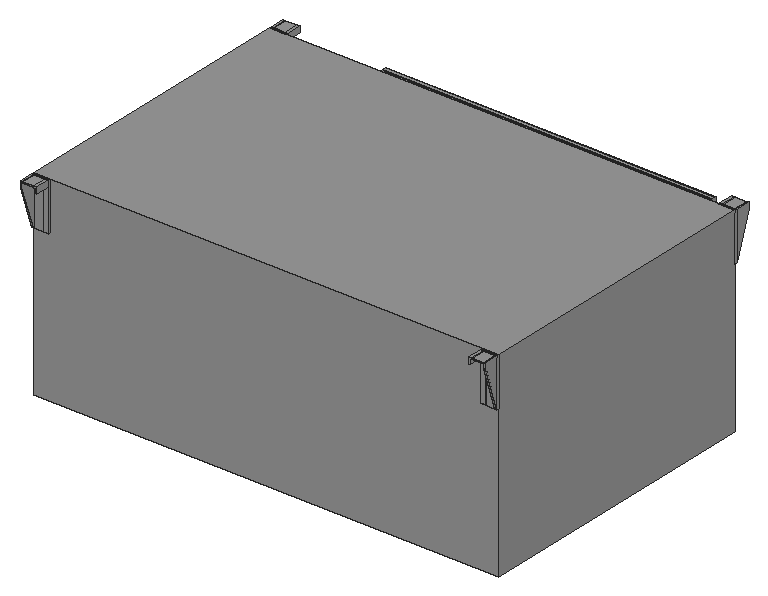
Revit family "НЕВАТОМ_Neiva 2 подвесная C-Е-R 2000, Версия 2", category Оборудование, Revit 2017
Family settings
  Размер круглого соединителя = Использовать диаметр
  Тип детали = Нормальный
  На основе рабочей плоскости = Да
  Всегда вертикально = Нет
  При загрузке вырезать с полостями = Нет
  Общий = Нет
  Точка расчета площади = Нет
Parameters (values of type "C-2000-E-R")
  длина между креплением = 1062 mm
  а ширина = 100 mm
  Default Elevation = 0 mm
  А6 = 420 mm
  А1 = 700 mm
  c = 131 mm
  Nevatom_Производительность = "1000-3000 м³/ч"
  Nevatom_Напорная характеристика, Р1 = 800.0 Pa
  Nevatom_Напорная характеристика, P = 0.0 Pa
  Nevatom_Мощность нагревателя = 30000 W
  Nevatom_Q1, м³/ч = 3000.0 m³/h
  Nevatom_Q, м³/ч = 1000.0 m³/h
  H щита = 452 mm
  b длина = 850 mm
  Nevatom_Регулятор воздуха [instance] = ""
  Nevatom_Для задания электроснабжения [instance] = "380 В"
  Nevatom_URL [instance] = ""
  L = 1200 mm
  H = 512 mm
  D кабельного ввода PG 36 = 50 mm
  D кабельного ввода PG 21 = 32 mm
  B = 764 mm
  ADSK_Ток = 2.2 A
  ADSK_Расход воздуха = 0.0 m³/h
  ADSK_Размер_Ширина = B  # 764 mm
  ADSK_Размер_Длина = L  # 1200 mm
  ADSK_Размер_Высота = H  # 512 mm
  ADSK_Потеря давления воздуха = 0.0 Pa
  ADSK_Полная мощность = ADSK_Номинальная мощность / ADSK_Коэффициент мощности  # 625 VA
  ADSK_Позиция [instance] = ""
  ADSK_Номинальная мощность = 500 W
  ADSK_Напряжение = 230 V
  ADSK_Наименование = "C-2000-E-R"
  ADSK_Материал наименование [instance] = "сталь оцинкованная с покрытием"
  ADSK_Масса = 87
  ADSK_Марка [instance] = "C-2000-E-R"
  ADSK_Коэффициент мощности = 0.8  # constant formula
  ADSK_Количество фаз числовое = 1
  ADSK_Количество фаз = 1
  ADSK_Количество = 1  # constant formula
  ADSK_Код изделия [instance] = ""
  ADSK_Классификация нагрузок = Двигатель
  ADSK_Завод-изготовитель [instance] = "НЕВАТОМ"  # constant formula
  ADSK_Единица измерения [instance] = "шт."
Reference planes
  plane 1 "По центру (Вперед/Назад)": y = 0
  plane 2: z = 0
  plane 3 "По центру (Влево/Вправо)": x = 0
  plane 4: y = 382
  plane 5: x = 600
  plane 6: y = -382
  plane 7: x = -600
  plane 8: z = 512
  plane 9: x = 500
  plane 10: x = -500
  plane 11: y = -482
  plane 12: x = -381
  plane 13: x = 469
  plane 14: x = -536.5
  plane 15: x = 525.5
  plane 16: z = 362
  plane 17: z = 452
  plane 18: y = 482
Forms (mm)
  Extrusion 1, solid, material "Сталь, окрашенная, слоновая кость, блестящая"
    sketch origin (0, 1073.759, -352) x (1, 0, 0) y (0, 1, 0)
      loop
        line (-381, -591.759) -> (-381, -691.759) -> (469, -691.759) -> (469, -591.759) -> (-381, -591.759)
    from 352 to 362
  Extrusion 2, solid, material "Сталь, окрашенная, слоновая кость, блестящая"
    sketch origin (0, 0, 0) x (1, 0, 0) y (0, 1, 0)
      loop
        line (-600, 382) -> (-600, -382) -> (600, -382) -> (600, 382) -> (-600, 382)
    from 0 to 512
  Extrusion 3, solid, material "Сталь, окрашенная, слоновая кость, блестящая"
    sketch origin (0, 0, 0) x (1, 0, 0) y (0, 1, 0)
      loop
        line (-381, 382) -> (469, 382) -> (469, 392.139) -> (-381, 392.139) -> (-381, 382)
      loop
        line (-381, 481.49) -> (-381, 471.49) -> (469, 471.49) -> (469, 481.49) -> (-381, 481.49)
    from 0 to 452
  Extrusion 4, solid, material "Сталь, окрашенная, слоновая кость, блестящая"
    sketch origin (0, 0, 0) x (1, 0, 0) y (0, 1, 0)
      loop
        line (-381, 392.139) -> (-370.851, 392.139) -> (-370.851, 471.49) -> (-381, 471.49) -> (-381, 392.139)
    from 0 to 452
  Extrusion 5, solid, material "Сталь, окрашенная, слоновая кость, блестящая"
    sketch origin (761.851, 0, 0) x (1, 0, 0) y (0, 1, 0)
      loop
        line (-303, 392.139) -> (-292.851, 392.139) -> (-292.851, 471.49) -> (-303, 471.49) -> (-303, 392.139)
    from 0 to 452
  Extrusion 6, solid, material "Сталь, окрашенная, слоновая кость, блестящая"
    sketch origin (0, 1073.759, -72) x (1, 0, 0) y (0, 1, 0)
      loop
        line (-381, -591.759) -> (-381, -691.759) -> (469, -691.759) -> (469, -591.759) -> (-381, -591.759)
    from 514 to 524
Lines and regions (mm)
  reference lines
    curve 1: line (-600, -382, 0) -> (-381, -382, 0)
    curve 2: line (-600, -382, 0) -> (-381, -382, 0)
    curve 3: line (-600, -382, 0) -> (-381, -382, 0)
    curve 4: line (600, -382, 0) -> (469, -382, 0)
    curve 5: line (-600, -382, 0) -> (-381, -382, 0)
    curve 6: line (525.5, 0, 3.126) -> (525.5, 0, -1.874)
Dimensions and locks
  equal spacing: plane 7, plane 3 "По центру (Влево/Вправо)", plane 5
  equal spacing: plane 6, plane 1 "По центру (Вперед/Назад)", plane 4
  "B": plane 6 to plane 4
  "L": plane 7 to plane 5
  "а ширина": plane 6 to plane 11
  plane 8 to level = 512 mm
  "длина между креплением": plane 14 to plane 15
  "H": plane 8 to level
  locked: Extrusion 1 to Extrusion 1 at 10
  "b длина": plane 12 to plane 13
  "H щита": plane 17 to level
  "c": plane 13 to plane 5
  "а ширина": plane 18 to plane 4
  locked: Extrusion 3 to nested 9 at 49.502
  locked: Extrusion 3 to nested 8 at 50.222
  locked: Extrusion 3 to nested 7 at 50.222
  locked: Extrusion 3 to nested 6 at 49.27
  locked: Extrusion 3 to nested 10 at 49.49
  locked: Extrusion 3 to nested 5 at 49.49
  locked: Extrusion 6 to Extrusion 6 at 10  (x2)
  aligned and locked: level to plane 2
  aligned and locked: nested 1 to plane 6
  aligned and locked: plane 7 to nested 2
  aligned and locked: plane 4 to nested 2
  aligned and locked: nested 1 to plane 7
  aligned and locked: Extrusion 1 to level
  aligned and locked: Extrusion 2 sketch curve to plane 4
  aligned and locked: Extrusion 2 sketch curve to plane 5
  aligned and locked: Extrusion 2 sketch curve to plane 6
  aligned and locked: Extrusion 2 to level
  aligned and locked: Extrusion 2 to plane 8
  aligned and locked: Extrusion 2 to plane 7
  aligned and locked: plane 6 to nested 3
  aligned and locked: nested 4 to plane 4
  aligned and locked: plane 5 to nested 4
  aligned and locked: nested 3 to plane 5
  aligned and locked: nested 1 to plane 8
  aligned and locked: plane 8 to nested 3
  aligned and locked: nested 4 to plane 8
  aligned and locked: plane 8 to nested 2
  aligned and locked: Extrusion 1 to plane 4
  aligned and locked: plane 18 to Extrusion 1
  aligned and locked: plane 17 to Extrusion 3
  aligned and locked: plane 17 to Extrusion 5
  aligned and locked: plane 17 to Extrusion 4
  aligned and locked: plane 17 to Extrusion 6
Automatic sketch dimensions
  plane 6 to curve 5 = 0 mm
  curve 5 to plane 7 = 0 mm
  curve 2 to plane 7 = 0 mm
  curve 3 to plane 7 = 0 mm
  curve 3 to plane 12 = 0 mm
  plane 6 to curve 4 = 0 mm
  curve 4 to plane 13 = 0 mm
  curve 4 to plane 5 = 0 mm
  curve 6 to plane 15 = 0 mm
  curve 6 to level = 1.874 mm
  level to curve 6 = 3.126 mm
  Extrusion 1 sketch curve to plane 4 = 0 mm
  Extrusion 1 sketch curve to plane 12 = 0 mm
  Extrusion 1 sketch curve to plane 13 = 0 mm
  Extrusion 1 sketch curve to plane 18 = 0 mm
  Extrusion 2 sketch curve to plane 7 = 0 mm
  Extrusion 3 sketch curve to plane 4 = 0 mm
  Extrusion 3 sketch curve to plane 12 = 0 mm  (x2)
  Extrusion 3 sketch curve to plane 13 = 0 mm  (x2)
  Extrusion 3 sketch curve to Extrusion 3 sketch curve = 10.139 mm
  plane 18 to Extrusion 3 sketch curve = 10.51 mm
  plane 18 to Extrusion 3 sketch curve = 0.51 mm
  Extrusion 4 sketch curve to plane 12 = 0 mm
  Extrusion 4 sketch curve to Extrusion 4 sketch curve = 10.149 mm
  plane 18 to Extrusion 4 sketch curve = 10.51 mm
  Extrusion 4 sketch curve to plane 4 = 10.139 mm
  Extrusion 5 sketch curve to plane 13 = 0 mm
  plane 13 to Extrusion 5 sketch curve = 10.149 mm
  plane 18 to Extrusion 5 sketch curve = 10.51 mm
  Extrusion 5 sketch curve to plane 4 = 10.139 mm
  Extrusion 6 sketch curve to plane 4 = 0 mm
  Extrusion 6 sketch curve to plane 12 = 0 mm
  Extrusion 6 sketch curve to plane 13 = 0 mm
  Extrusion 6 sketch curve to plane 18 = 0 mm
Nested families
  nested 1: "NEVATOM_кронштейн" at (-577.156, -401.399, 385.206), type "NEVATOM_кронштейн"
  nested 2: "NEVATOM_кронштейн" at (-577.156, 401.399, 385.206), type "NEVATOM_кронштейн"
  nested 3: "NEVATOM_кронштейн" at (577.156, -401.399, 385.206) x (-1, 0, 0) z (0, 0, 1), type "NEVATOM_кронштейн"
  nested 4: "NEVATOM_кронштейн" at (577.156, 401.399, 385.206) x (-1, 0, 0) z (0, 0, 1), type "NEVATOM_кронштейн"
  nested 5: "NEVATOM_кабельный ввод PG 2" at (319, 432, 0) x (1, 0, 0) z (0, 0, -1), D <- "D кабельного ввода PG 36", type "Кабельный ввод PG"
    with h 35 mm, d 25 mm, D 50 mm
  nested 6: "NEVATOM_кабельный ввод PG 2" at (134, 432.22, 0) x (1, 0, 0) z (0, 0, -1), type "Кабельный ввод PG"
    with h 15.4 mm, d 11 mm, D 22 mm
  nested 7: "NEVATOM_кабельный ввод PG 2" at (85, 431.268, 0) x (1, 0, 0) z (0, 0, -1), type "Кабельный ввод PG"
    with h 15.4 mm, d 11 mm, D 22 mm
  nested 8: "NEVATOM_кабельный ввод PG 2" at (30.051, 431.268, 0) x (1, 0, 0) z (0, 0, -1), type "Кабельный ввод PG"
    with h 15.4 mm, d 11 mm, D 22 mm
  nested 9: "NEVATOM_кабельный ввод PG 2" at (-10.284, 431.988, 0) x (0, -1, 0) z (0, 0, -1), type "Кабельный ввод PG"
    with h 15.4 mm, d 11 mm, D 22 mm
  nested 10: "NEVATOM_кабельный ввод PG 2" at (219, 432, 0) x (1, 0, 0) z (0, 0, -1), D <- "D кабельного ввода PG 21", type "Кабельный ввод PG"
    with h 22.4 mm, d 16 mm, D 32 mm
  nested 11: "NEVATOM_выключатель пластик" at (464, 436.838, 200) x (0, 1, 0) z (1, 0, 0), type "NEVATOM_выключатель пластик"
  nested 12: "NEVATOM_кабельный ввод PG 2" at (469, 436.49, 50) x (0, 1, 0) z (1, 0, 0), type "Кабельный ввод PG"
    with h 21 mm, d 15 mm, D 30 mm
Connectors
  hvac at (600, 0, 256), driven by "А6", driven by "А1", driven by "ADSK_Расход воздуха"
    settings: on Extrusion 2, index 1, duct flow 0.0 m³/h, flow factor 0, pres drop 0.0 Pa, loss coef 0, conn angle 0.00°, conn width 700 mm, conn height 420 mm, conn diameter 609.6 mm, duct sys type 29, conn prof type 1, flow config 0, flow direction 1, loss method 0, conn ref index 2, conn util no, is conn primary yes, conn desc ""
  hvac at (-600, 0, 256), driven by "А6", driven by "А1", driven by "ADSK_Расход воздуха"
    settings: on Extrusion 2, index 2, duct flow 0.0 m³/h, flow factor 0, pres drop 0.0 Pa, loss coef 0, conn angle 0.00°, conn width 700 mm, conn height 420 mm, conn diameter 609.6 mm, duct sys type 1, conn prof type 1, flow config 2, flow direction 2, loss method 0, conn ref index 1, conn util no, is conn primary no, conn desc ""
  electrical at (469, 436.49, 50)
    settings: on nested 12, index 3, voltage 0 V, apparent load 0 VA, apparent load phase1 0 VA, apparent load phase2 0 VA, apparent load phase3 0 VA, power factor 1, load classification "Прочее", number of poles 1, system type 5, power factor state 1, is connector primary yes, connector utility no, sub classification motor no, connector description ""
  electrical at (319, 432, 0), driven by "ADSK_Количество фаз", driven by "ADSK_Напряжение", driven by "ADSK_Полная мощность", driven by "ADSK_Коэффициент мощности"
    settings: on nested 5, index 4, voltage 230 V, apparent load 0 VA, apparent load phase1 625 VA, apparent load phase2 0 VA, apparent load phase3 0 VA, power factor 0.8, load classification "Двигатель", number of poles 1, system type 31, power factor state 1, is connector primary no, connector utility no, sub classification motor no, connector description ""
  electrical at (219, 432, 0), driven by "ADSK_Количество фаз", driven by "ADSK_Напряжение", driven by "ADSK_Полная мощность", driven by "ADSK_Коэффициент мощности"
    settings: on nested 10, index 5, voltage 230 V, apparent load 0 VA, apparent load phase1 625 VA, apparent load phase2 0 VA, apparent load phase3 0 VA, power factor 0.8, load classification "Двигатель", number of poles 1, system type 31, power factor state 1, is connector primary no, connector utility no, sub classification motor no, connector description ""
  electrical at (134, 432.22, 0)
    settings: on nested 6, index 6, voltage 0 V, apparent load 0 VA, apparent load phase1 0 VA, apparent load phase2 0 VA, apparent load phase3 0 VA, power factor 1, load classification "Прочее", number of poles 1, system type 5, power factor state 1, is connector primary no, connector utility no, sub classification motor no, connector description ""
  electrical at (85, 431.268, 0)
    settings: on nested 7, index 7, voltage 0 V, apparent load 0 VA, apparent load phase1 0 VA, apparent load phase2 0 VA, apparent load phase3 0 VA, power factor 1, load classification "Прочее", number of poles 1, system type 5, power factor state 1, is connector primary no, connector utility no, sub classification motor no, connector description ""
  electrical at (30.051, 431.268, 0)
    settings: on nested 8, index 8, voltage 0 V, apparent load 0 VA, apparent load phase1 0 VA, apparent load phase2 0 VA, apparent load phase3 0 VA, power factor 1, load classification "Прочее", number of poles 1, system type 5, power factor state 1, is connector primary no, connector utility no, sub classification motor no, connector description ""
  electrical at (-10.284, 431.988, 0)
    settings: on nested 9, index 9, voltage 0 V, apparent load 0 VA, apparent load phase1 0 VA, apparent load phase2 0 VA, apparent load phase3 0 VA, power factor 1, load classification "Прочее", number of poles 1, system type 5, power factor state 1, is connector primary no, connector utility no, sub classification motor no, connector description ""
Definition of nested family "NEVATOM_кронштейн"
  Reference planes
    plane 1 "По центру (Вперед/Назад)": y = 0
    plane 2: z = 0
    plane 3 "По центру (Влево/Вправо)": x = 0
  Forms (mm)
    Extrusion 1, solid
      sketch origin (-545.844, 366.399, 0) x (0, 1, 0) y (0, 0, 1)
        loop
          line (-351.118, 126.794) -> (-389, 126.794) -> (-389, 111.794) -> (-351.118, 3.126) -> (-351.118, 126.794)
      from 523 to 527.712
    Extrusion 2, solid
      sketch origin (-545.844, 301.399, 0) x (1, 0, 0) y (0, 0, 1)
        loop
          line (557.712, 126.794) -> (557.712, 123.742) -> (561.763, 123.742) -> (561.763, 111.794) -> (565, 111.794) -> (565, 126.794) -> (557.712, 126.794)
      from 286.118 to 324
    Extrusion 3, solid
      sketch origin (-545.844, 301.399, 20) x (1, 0, 0) y (0, 0, 1)
        loop
          line (565, -16.874) -> (565, 106.794) -> (553, 106.794) -> (553, -16.874) -> (565, -16.874)
      from 282 to 286.118
    Extrusion 4, solid
      sketch origin (-545.844, 301.399, 20) x (1, 0, 0) y (0, 0, 1)
        loop
          line (565, -16.874) -> (565, 106.794) -> (523, 106.794) -> (523, -16.874) -> (565, -16.874)
      from 282 to 286.118
    Extrusion 5, solid
      sketch origin (-545.844, 301.399, 0) x (1, 0, 0) y (0, 0, 1)
        loop
          line (527.712, 126.794) -> (527.712, 123.742) -> (561.763, 123.742) -> (561.763, 111.794) -> (565, 111.794) -> (565, 126.794) -> (527.712, 126.794)
      from 286.118 to 324
  Dimensions and locks
    aligned and locked: level to plane 2
Definition of nested family "NEVATOM_кабельный ввод PG 2"
  Parameters (values of type "Кабельный ввод PG")
    Default Elevation = 1219.2 mm
    h [instance] = 0.7 * D  # 21 mm
    d [instance] = 0.5 * D  # 15 mm
    D [instance] = 30 mm
  Reference planes
    plane 1 "По центру (Вперед/Назад)": y = 0
    plane 2: z = 0
    plane 3 "По центру (Влево/Вправо)": x = 0
    plane 4: y = 15
    plane 5: y = -15
    plane 6: x = -15
    plane 7: x = 15
    plane 8: through (0, 0, 1219.2) normal (-0.7071, 0.7071, 0)
    plane 9: through (0, 0, 1219.2) normal (-0.7071, -0.7071, 0)
    plane 10: through (10.607, -10.607, 1219.2) normal (-0.7071, 0.7071, 0)
    plane 11: through (-10.607, 10.607, 1219.2) normal (-0.7071, 0.7071, 0)
    plane 12: through (10.607, 10.607, 1219.2) normal (-0.7071, -0.7071, 0)
    plane 13: through (-10.607, -10.607, 1219.2) normal (-0.7071, -0.7071, 0)
    plane 14: z = 30
    plane 15: z = 21
  Forms (mm)
    Extrusion 1, solid
      sketch origin (0, 0, 0) x (1, 0, 0) y (0, 1, 0)
        loop
          line (-1219.2, 1219.2) -> (-1219.2, -1219.2) -> (1219.2, -1219.2) -> (1219.2, 1219.2) -> (-1219.2, 1219.2)
      from 0 to -304.8
    Extrusion 2, solid
      sketch origin (0, 0, 0) x (1, 0, 0) y (0, 1, 0)
        loop
          line (-6.213, 15) -> (-15, 6.213) -> (-15, -6.213) -> (-6.213, -15) -> (6.213, -15) -> (15, -6.213) -> (15, 6.213) -> (6.213, 15) -> (-6.213, 15)
      from 0 to 21
    Blend 3, solid
      base sketch origin (0, 0, 0) x (1, 0, 0) y (0, 1, 0)
        loop
          circle (0, 0) r 15
      top sketch origin (0, 0, 0) x (1, 0, 0) y (0, 1, 0)
        loop
          circle (0, 0) r 7.5
      from 21 to 30
    Extrusion 4, void
      sketch origin (0, 0, 0) x (1, 0, 0) y (0, 1, 0)
        loop
          circle (0, 0) r 7.5
      from 0 to 30
  Cuts and joins
    Extrusion 4 cuts Extrusion 2
    Extrusion 4 cuts Blend 3
    joined: Extrusion 2, Blend 3
  Dimensions and locks
    equal spacing: plane 6, plane 3 "По центру (Влево/Вправо)", plane 7
    equal spacing: plane 4, plane 1 "По центру (Вперед/Назад)", plane 5
    "D": plane 6 to plane 7
    "D": plane 4 to plane 5
    equal spacing: plane 11, plane 8, plane 10
    "D": plane 11 to plane 10
    equal spacing: plane 12, plane 9, plane 13
    "D": plane 12 to plane 13
    "D": plane 14 to Extrusion 1
    "h": plane 15 to Extrusion 1
    "D": diameter of Blend 3 sketch curve
    "d": diameter of Blend 3 sketch curve
    "d": diameter of Extrusion 4 sketch curve
    aligned and locked: plane 2 to Extrusion 1
    aligned and locked: level to Extrusion 1
    aligned and locked: Extrusion 2 sketch curve to plane 4
    aligned and locked: Extrusion 2 sketch curve to plane 12
    aligned and locked: plane 7 to Extrusion 2 sketch curve
    aligned and locked: plane 10 to Extrusion 2 sketch curve
    aligned and locked: plane 5 to Extrusion 2 sketch curve
    aligned and locked: plane 13 to Extrusion 2 sketch curve
    aligned and locked: Extrusion 2 sketch curve to plane 6
    aligned and locked: Extrusion 2 sketch curve to plane 11
    aligned and locked: plane 15 to Extrusion 2
    aligned and locked: plane 14 to Blend 3
    aligned and locked: Blend 3 to plane 15
    aligned and locked: plane 14 to Extrusion 4
  Automatic sketch dimensions
    Extrusion 1 sketch curve to Extrusion 1 sketch curve = 2438.4 mm  (x2)
    plane 1 "По центру (Вперед/Назад)" to Blend 3 sketch curve = 0 mm  (x2)
    Blend 3 sketch curve to plane 3 "По центру (Влево/Вправо)" = 0 mm  (x2)
    plane 1 "По центру (Вперед/Назад)" to Extrusion 4 sketch curve = 0 mm
    Extrusion 4 sketch curve to plane 3 "По центру (Влево/Вправо)" = 0 mm
Definition of nested family "NEVATOM_выключатель пластик"
  Parameters (values of type "NEVATOM_выключатель пластик")
    Default Elevation = 1219.2 mm
    h = 18 mm
    b = 44 mm
    a = 44 mm
  Reference planes
    plane 1 "По центру (Вперед/Назад)": y = 0
    plane 2: z = 0
    plane 3 "По центру (Влево/Вправо)": x = 0
    plane 4: x = -22
    plane 5: x = 22
    plane 6: y = -22
    plane 7: y = 22
    plane 8: z = 18
  Forms (mm)
    Extrusion 1, solid
      sketch origin (0, 0, 0) x (1, 0, 0) y (0, 1, 0)
        loop
          line (-22, 22) -> (-22, -22) -> (22, -22) -> (22, 22) -> (-22, 22)
      from 5 to 10
    Extrusion 2, solid
      sketch origin (0, 0, 0) x (1, 0, 0) y (0, 1, 0)
        loop
          circle (0, 0) r 17.083
        loop
          circle (0, 0) r 13.032
      from 10 to 20
    Extrusion 3, solid
      sketch origin (0, 0, 0) x (1, 0, 0) y (0, 1, 0)
        loop
          line (-1.523, -13.032) -> (1.565, -13.032) -> (1.565, 12.938) -> (-1.523, 12.938) -> (-1.523, -13.032)
      from 5 to 20
  Cuts and joins
    joined: Extrusion 1, Extrusion 2
  Dimensions and locks
    equal spacing: plane 7, plane 1 "По центру (Вперед/Назад)", plane 6
    "a": plane 7 to plane 6
    equal spacing: plane 4, plane 3 "По центру (Влево/Вправо)", plane 5
    "b": plane 4 to plane 5
    "h": plane 8 to level
    aligned and locked: level to plane 2
  Automatic sketch dimensions
    Extrusion 1 sketch curve to plane 4 = 0 mm
    Extrusion 1 sketch curve to plane 5 = 0 mm
    Extrusion 1 sketch curve to plane 6 = 0 mm
    Extrusion 1 sketch curve to plane 7 = 0 mm
    Extrusion 2 sketch curve to Extrusion 2 sketch curve = 0 mm  (x2)
    plane 1 "По центру (Вперед/Назад)" to Extrusion 2 sketch curve = 0 mm
    Extrusion 2 sketch curve to plane 3 "По центру (Влево/Вправо)" = 0 mm
    Extrusion 3 sketch curve to plane 3 "По центру (Влево/Вправо)" = 1.523 mm
    plane 3 "По центру (Влево/Вправо)" to Extrusion 3 sketch curve = 1.565 mm
    plane 6 to Extrusion 3 sketch curve = 8.968 mm
    Extrusion 3 sketch curve to plane 7 = 9.062 mm
    radius of Extrusion 2 sketch curve = 17.083 mm
    radius of Extrusion 2 sketch curve = 13.032 mm
